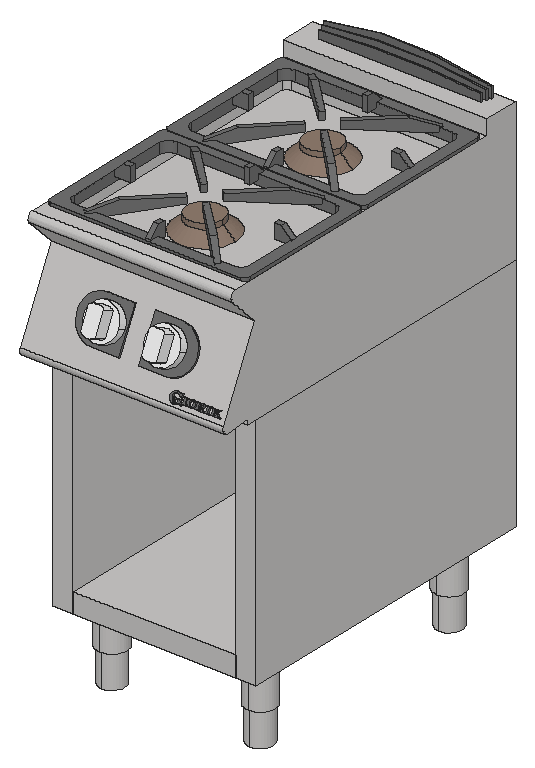
Revit family "QF_GIORIK_CG720G", category Specialty Equipment, Revit 2014
Parameters (values of type "CG720G")
  Weight in Pounds = 110.231
  URL Cutsheet = "www.giorik.com"
  URL = "www.giorik.com"
  Status [instance] = ""
  Specification by User [instance] = ""
  Specification by Manufacturer = ""
  Show Logo [instance] = yes
  Show Clearance [instance] = yes
  Serial Number = ""
  Seismic Rating = ""
  SMACNA No = ""
  Revision Code [instance] = ""
  NAFEM Spec ID Number = ""
  Model = "CG720G"
  Mechanical Remarks [instance] = "Natural Gas"
  Mechanical Connection Type [instance] = ""
  Masterspec = ""
  Manufacturer = "GIORIK"
  Item Number [instance] = ""
  Installed By [instance] = ""
  Identify Quantity as Lot [instance] = no
  Gas Size = 1"
  Gas RI Height [instance] = 0 mm
  Gas KW = 12
  Gas Input = 12000 W
  Gas Connection Height [instance] = 150 mm
  Furnished By [instance] = ""
  Foodservice Equipment Identifier [instance] = yes
  Description = "2 BURNER GAS RANGE ON OPEN BASE UNIT"
  CSI MasterFormat = ""
  Assembly Code = "E1090320"
Reference planes
  plane 1 "Back": y = 0
  plane 2: z = 0
  plane 3 "Left": x = 0
  plane 4 "Right": x = 400
  plane 5 "Front": y = -720
  plane 6 "Top": z = 900
Forms (mm)
  Extrusion 1, solid
    sketch origin (159.28, -40, -71.012) x (0, -1, 0) y (0, 0, -1)
      loop
        line (35.989, -935.989) -> (65, -965) -> (79.749, -965) -> (79.749, -935.989) -> (35.989, -935.989)
    from 35.72 to 45.72
  Extrusion 2, solid
    sketch origin (-283.221, -963.345, 52.815) x (1, 0, 0) y (0, 0.452718, 0.891654)
      loop
        line (463.221, 676.25) -> (463.221, 766.25) -> (409.698, 766.25)
        arc (409.698, 766.25) -> (364.698, 721.25) -> (409.698, 676.25) r 45
        line (409.698, 676.25) -> (463.221, 676.25)
    from 48 to 50
  Extrusion 3, solid
    sketch origin (683.221, -963.345, 52.815) x (-1, 0, 0) y (0, -0.452718, -0.891654)
      loop
        line (463.221, -676.25) -> (409.698, -676.25)
        arc (409.698, -676.25) -> (364.698, -721.25) -> (409.698, -766.25) r 45
        line (409.698, -766.25) -> (463.221, -766.25) -> (463.221, -676.25)
    from 48 to 50
  Extrusion 4, solid
    sketch origin (-91.331, -1008.697, 75.411) x (1, 0, 0) y (0, 0.45351, 0.891251)
      loop
        circle (351.331, 721.346) r 35
    from 0 to 15
  Extrusion 5, solid
    sketch origin (-91.331, -1008.697, 75.411) x (1, 0, 0) y (0, 0.45351, 0.891251)
      loop
        line (336.331, 743.846) -> (336.331, 698.846)
        arc (336.331, 698.846) -> (351.331, 693.846) -> (366.331, 698.846) r 25
        line (366.331, 698.846) -> (366.331, 743.846)
        arc (366.331, 743.846) -> (351.331, 748.846) -> (336.331, 743.846) r 25
    from 15 to 40
  Extrusion 6, solid, visible <- "Show Logo"
    sketch origin (196.604, -736.761, 609.486) x (-1, 0, 0) y (0, 0.452718, 0.891654)
      loop
        line (-118.824, 58.358) -> (-127.804, 58.358) -> (-125.523, 56.445) -> (-125.523, 48.027) -> (-127.804, 46.113) -> (-118.824, 46.113) -> (-121.105, 48.027) -> (-121.105, 56.445) -> (-118.824, 58.358)
      loop
        line (-163.721, 58.358) -> (-172.7, 58.358) -> (-170.42, 56.445) -> (-170.42, 48.027) -> (-172.7, 46.113) -> (-163.721, 46.113) -> (-166.001, 48.027) -> (-166.001, 56.445) -> (-163.721, 58.358)
      loop
        line (-174.332, 58.358) -> (-183.312, 58.358) -> (-181.031, 56.445) -> (-181.031, 52.435) -> (-186.419, 56.955) -> (-184.416, 58.358) -> (-191.268, 58.358) -> (-188.01, 56.839) -> (-185.455, 54.283) -> (-190.846, 47.858) -> (-193.396, 46.93) -> (-193.396, 46.113) -> (-184.416, 46.113) -> (-185.437, 47.571) -> (-182.443, 51.552) -> (-181.031, 50.894) -> (-181.031, 48.027) -> (-183.312, 46.113) -> (-174.332, 46.113) -> (-176.613, 48.027) -> (-176.613, 56.445) -> (-174.332, 58.358)
      loop
        line (-115.429, 62.063) -> (-115.429, 54.198)
        arc (-115.429, 54.198) -> (-111.618, 57.803) -> (-106.847, 59.986) r 16.039
        arc (-106.847, 59.986) -> (-103.314, 59.837) -> (-100.512, 57.68) r 5.851
        arc (-100.512, 57.68) -> (-98.815, 52.267) -> (-100.512, 46.853) r 9.479
        arc (-100.512, 46.853) -> (-102.406, 44.986) -> (-104.846, 43.93) r 7.236
        arc (-104.846, 43.93) -> (-107.728, 44.111) -> (-110.052, 45.825) r 5.11
        line (-110.052, 45.825) -> (-110.052, 52.001) -> (-116.141, 52.001) -> (-116.141, 45.503) -> (-117.893, 43.751) -> (-114.094, 44.769)
        arc (-114.094, 44.769) -> (-112.56, 44.947) -> (-111.129, 44.366) r 3.115
        arc (-111.129, 44.366) -> (-104.216, 42.091) -> (-97.303, 44.366) r 11.641
        arc (-97.303, 44.366) -> (-93.396, 52.107) -> (-97.303, 59.849) r 9.622
        arc (-97.303, 59.849) -> (-104.369, 62.174) -> (-111.435, 59.849) r 11.898
        line (-111.435, 59.849) -> (-115.429, 62.063)
      loop
        arc (-129.234, 56.068) -> (-135.893, 58.628) -> (-142.552, 56.068) r 9.941
        arc (-142.552, 56.068) -> (-144.234, 52.286) -> (-142.552, 48.505) r 5.093
        arc (-142.552, 48.505) -> (-135.893, 45.945) -> (-129.234, 48.505) r 9.941
        arc (-129.234, 48.505) -> (-127.552, 52.286) -> (-129.234, 56.068) r 5.093
      loop
        arc (-132.628, 54.403) -> (-135.893, 57.668) -> (-139.158, 54.403) r 3.265
        line (-139.158, 54.403) -> (-139.158, 50.169)
        arc (-139.158, 50.169) -> (-135.893, 46.904) -> (-132.628, 50.169) r 3.265
        line (-132.628, 50.169) -> (-132.628, 54.403)
      loop
        arc (-156.363, 58.365) -> (-159.647, 55.081) -> (-156.363, 51.796) r 3.285
        line (-156.363, 51.796) -> (-159.529, 47.306) -> (-162.087, 46.113) -> (-155.847, 46.113) -> (-153.529, 51.083) -> (-150.637, 51.083) -> (-150.637, 47.784) -> (-153.022, 46.113) -> (-144.011, 46.113) -> (-146.094, 47.68) -> (-146.094, 56.493) -> (-144.229, 58.365) -> (-156.363, 58.365)
      loop
        line (-150.637, 57.512) -> (-153.637, 57.512)
        arc (-153.637, 57.512) -> (-156.237, 54.912) -> (-153.637, 52.312) r 2.6
        line (-153.637, 52.312) -> (-150.637, 52.312) -> (-150.637, 57.512)
      loop
        line (-108.924, 52.001) -> (-104.936, 49.005) -> (-100.948, 52.001) -> (-108.924, 52.001)
    from 1.5 to -0.5
  Extrusion 7, solid
    sketch origin (491.331, -1008.697, 75.411) x (-1, 0, 0) y (0, -0.45351, -0.891251)
      loop
        circle (351.331, -721.346) r 35
    from 0 to 15
  Extrusion 8, solid
    sketch origin (491.331, -1008.697, 75.411) x (-1, 0, 0) y (0, -0.45351, -0.891251)
      loop
        arc (336.331, -743.846) -> (351.331, -748.846) -> (366.331, -743.846) r 25
        line (366.331, -743.846) -> (366.331, -698.846)
        arc (366.331, -698.846) -> (351.331, -693.846) -> (336.331, -698.846) r 25
        line (336.331, -698.846) -> (336.331, -743.846)
    from 15 to 40
  Extrusion 9, solid
    sketch origin (-16, 1025.81, 0) x (1, 0, 0) y (0, 1, 0)
      loop
        line (25, -1086.81) -> (25, -1156.81) -> (115, -1156.81) -> (115, -1086.81) -> (25, -1086.81)
    from 148 to 150
  Extrusion 10, solid
    sketch origin (0, 0, 0) x (1, 0, 0) y (0, 1, 0)
      loop
        line (40, -40) -> (40, -640) -> (360, -640) -> (360, -40) -> (40, -40)
    from 150 to 190
  Extrusion 11, solid
    sketch origin (416, 1025.81, 0) x (-1, 0, 0) y (0, -1, 0)
      loop
        line (25, 1086.81) -> (115, 1086.81) -> (115, 1156.81) -> (25, 1156.81) -> (25, 1086.81)
    from 148 to 150
  Extrusion 12, solid
    sketch origin (-4, 0, 130) x (1, 0, 0) y (0, 1, 0)
      loop
        circle (54, -385) r 12.5
    from 0 to 20
  Extrusion 13, solid
    sketch origin (0, 1000, -20) x (0, 1, 0) y (0, 0, 1)
      loop
        line (-1000, 919.988) -> (-1070, 919.988) -> (-1070, 889.988) -> (-1688.806, 889.988)
        arc (-1688.806, 889.988) -> (-1699.151, 883.075) -> (-1696.724, 870.873) r 11.197
        line (-1696.724, 870.873) -> (-1640.876, 815.025) -> (-1718.948, 661.258)
        arc (-1718.948, 661.258) -> (-1718.233, 650.105) -> (-1708.118, 645.354) r 10.981
        line (-1708.118, 645.354) -> (-1660, 649.925) -> (-1660, 640) -> (-1000, 640) -> (-1000, 919.988)
    from 0 to 400
  Extrusion 14, solid
    sketch origin (0, 0, 599.536) x (1, 0, 0) y (0, 1, 0)
      loop
        line (0, -640) -> (40, -640) -> (40, -40) -> (360, -40) -> (360, -640) -> (400, -640) -> (400, 0) -> (0, 0) -> (0, -640)
    from -449.536 to 20.464
  Extrusion 15, solid
    sketch origin (-16, 560.81, 0) x (1, 0, 0) y (0, 1, 0)
      loop
        line (25, -1086.81) -> (25, -1156.81) -> (115, -1156.81) -> (115, -1086.81) -> (25, -1086.81)
    from 148 to 150
  Revolve 16, solid
    sketch origin (54, 560.81, 0) x (0, 1, 0) y (0, 0, 1)
      loop
        line (-1092.56, 66) -> (-1092.56, 148) -> (-1121.81, 148) -> (-1121.81, 0) -> (-1096.81, 0) -> (-1096.81, 66) -> (-1092.56, 66)
      axis (-1121.81, 0) -> (-1121.81, 148)
    angle from 0 to 360
  Extrusion 17, solid
    sketch origin (416, 560.81, 0) x (-1, 0, 0) y (0, -1, 0)
      loop
        line (25, 1086.81) -> (115, 1086.81) -> (115, 1156.81) -> (25, 1156.81) -> (25, 1086.81)
    from 148 to 150
  Extrusion 18, solid
    sketch origin (-94, 0, -10.001) x (1, 0, 0) y (0, 0, 1)
      loop
        line (135, 909.989) -> (453, 909.989) -> (453, 925.527) -> (347.056, 931.749) -> (240.944, 931.749) -> (135, 925.527) -> (135, 909.989)
    from 32 to 35
  Extrusion 19, solid
    sketch origin (-92, 10, -10.001) x (1, 0, 0) y (0, 0, 1)
      loop
        line (454, 909.989) -> (454, 928.527) -> (346.162, 939.193) -> (237.838, 939.193) -> (130, 928.527) -> (130, 909.989) -> (454, 909.989)
    from 32 to 35
  Extrusion 20, solid
    sketch origin (-90, 20, -10.001) x (1, 0, 0) y (0, 0, 1)
      loop
        line (455, 909.989) -> (455, 930.527) -> (345.396, 947.413) -> (234.604, 947.413) -> (125, 930.527) -> (125, 909.989) -> (455, 909.989)
    from 32 to 35
  Extrusion 21, solid
    sketch origin (-0.046, 51.449, -30) x (1, 0, 0) y (0, 1, 0)
      loop
        circle (200.046, -276.449) r 35
    from 889.988 to 879.988
  Blend 22, solid
    base sketch origin (-0.046, 51.449, 899.988) x (0, 1, 0) y (-1, 0, 0)
      loop
        circle (-276.449, -200.046) r 60
    top sketch origin (-0.046, 51.449, 899.988) x (0, 1, 0) y (-1, 0, 0)
      loop
        circle (-276.449, -200.046) r 35
    from -70 to -50
  Extrusion 23, void
    sketch origin (0, 0, 900) x (0, 1, 0) y (-1, 0, 0)
      loop
        arc (-90, -28.955) -> (-92.929, -21.884) -> (-100, -18.955) r 10
        line (-100, -18.955) -> (-640.565, -18.955)
        arc (-640.565, -18.955) -> (-647.636, -21.884) -> (-650.565, -28.955) r 10
        line (-650.565, -28.955) -> (-650.565, -372.225)
        arc (-650.565, -372.225) -> (-647.636, -379.296) -> (-640.565, -382.225) r 10
        line (-640.565, -382.225) -> (-100, -382.225)
        arc (-100, -382.225) -> (-92.929, -379.296) -> (-90, -372.225) r 10
        line (-90, -372.225) -> (-90, -28.955)
    from -30.012 to -70.012
  Revolve 24, solid
    sketch origin (346, 560.81, 0) x (0, 1, 0) y (0, 0, 1)
      loop
        line (-1092.56, 66) -> (-1092.56, 148) -> (-1121.81, 148) -> (-1121.81, 0) -> (-1096.81, 0) -> (-1096.81, 66) -> (-1092.56, 66)
      axis (-1121.81, 0) -> (-1121.81, 148)
    angle from 0 to 360
  Revolve 25, solid
    sketch origin (346, 1025.81, 0) x (0, 1, 0) y (0, 0, 1)
      loop
        line (-1092.56, 66) -> (-1092.56, 148) -> (-1121.81, 148) -> (-1121.81, 0) -> (-1096.81, 0) -> (-1096.81, 66) -> (-1092.56, 66)
      axis (-1121.81, 0) -> (-1121.81, 148)
    angle from 0 to 360
  Revolve 26, solid
    sketch origin (54, 1025.81, 0) x (0, 1, 0) y (0, 0, 1)
      loop
        line (-1092.56, 66) -> (-1092.56, 148) -> (-1121.81, 148) -> (-1121.81, 0) -> (-1096.81, 0) -> (-1096.81, 66) -> (-1092.56, 66)
      axis (-1121.81, 0) -> (-1121.81, 148)
    angle from 0 to 360
  Extrusion 27, solid
    sketch origin (159.28, -410, -71.012) x (0, 1, 0) y (0, 0, 1)
      loop
        line (35.989, 935.989) -> (79.749, 935.989) -> (79.749, 965) -> (65, 965) -> (35.989, 935.989)
    from 35.72 to 45.72
  Extrusion 28, solid
    sketch origin (-20.875, -265.72, -71.012) x (1, 0, 0) y (0, 0, -1)
      loop
        line (35.989, -935.989) -> (65, -965) -> (79.749, -965) -> (79.749, -935.989) -> (35.989, -935.989)
    from 35.72 to 45.72
  Extrusion 29, solid
    sketch origin (420.875, -265.72, -71.012) x (-1, 0, 0) y (0, 0, 1)
      loop
        line (35.989, 935.989) -> (79.749, 935.989) -> (79.749, 965) -> (65, 965) -> (35.989, 935.989)
    from 35.72 to 45.72
  Extrusion 30, solid
    sketch origin (0, 10, 22.988) x (1, 0, 0) y (0, 1, 0)
      loop
        line (3, -100) -> (3, -370)
        arc (3, -370) -> (5.929, -377.071) -> (13, -380) r 10
        line (13, -380) -> (387, -380)
        arc (387, -380) -> (394.071, -377.071) -> (397, -370) r 10
        line (397, -370) -> (397, -100)
        arc (397, -100) -> (394.071, -92.929) -> (387, -90) r 10
        line (387, -90) -> (13, -90)
        arc (13, -90) -> (5.929, -92.929) -> (3, -100) r 10
      loop
        arc (45, -110) -> (30.858, -115.858) -> (25, -130) r 20
        line (25, -130) -> (25, -340)
        arc (25, -340) -> (30.858, -354.142) -> (45, -360) r 20
        line (45, -360) -> (355, -360)
        arc (355, -360) -> (369.142, -354.142) -> (375, -340) r 20
        line (375, -340) -> (375, -130)
        arc (375, -130) -> (369.142, -115.858) -> (355, -110) r 20
        line (355, -110) -> (45, -110)
    from 831.989 to 851.989
  Extrusion 31, solid
    sketch origin (159.28, -700, -71.012) x (0, 1, 0) y (0, 0, 1)
      loop
        line (35.989, 935.989) -> (79.749, 935.989) -> (79.749, 965) -> (65, 965) -> (35.989, 935.989)
    from 35.72 to 45.72
  Blend 32, solid
    base sketch origin (-0.046, -791.448, 899.988) x (0, -1, 0) y (1, 0, 0)
      loop
        circle (-276.449, 200.046) r 60
    top sketch origin (-0.046, -791.448, 899.988) x (0, -1, 0) y (1, 0, 0)
      loop
        circle (-276.449, 200.046) r 35
    from -70 to -50
  Extrusion 33, solid
    sketch origin (159.28, -330, -71.012) x (0, -1, 0) y (0, 0, -1)
      loop
        line (35.989, -935.989) -> (65, -965) -> (79.749, -965) -> (79.749, -935.989) -> (35.989, -935.989)
    from 35.72 to 45.72
  Extrusion 34, solid
    sketch origin (-20.875, -474.279, -71.012) x (1, 0, 0) y (0, 0, 1)
      loop
        line (35.989, 935.989) -> (79.749, 935.989) -> (79.749, 965) -> (65, 965) -> (35.989, 935.989)
    from 35.72 to 45.72
  Extrusion 35, solid
    sketch origin (420.875, -474.279, -71.012) x (-1, 0, 0) y (0, 0, -1)
      loop
        line (35.989, -935.989) -> (65, -965) -> (79.749, -965) -> (79.749, -935.989) -> (35.989, -935.989)
    from 35.72 to 45.72
  Extrusion 36, solid
    sketch origin (0, -750, 22.988) x (1, 0, 0) y (0, 1, 0)
      loop
        arc (3, 100) -> (5.929, 92.929) -> (13, 90) r 10
        line (13, 90) -> (387, 90)
        arc (387, 90) -> (394.071, 92.929) -> (397, 100) r 10
        line (397, 100) -> (397, 370)
        arc (397, 370) -> (394.071, 377.071) -> (387, 380) r 10
        line (387, 380) -> (13, 380)
        arc (13, 380) -> (5.929, 377.071) -> (3, 370) r 10
        line (3, 370) -> (3, 100)
      loop
        line (45, 110) -> (355, 110)
        arc (355, 110) -> (369.142, 115.858) -> (375, 130) r 20
        line (375, 130) -> (375, 340)
        arc (375, 340) -> (369.142, 354.142) -> (355, 360) r 20
        line (355, 360) -> (45, 360)
        arc (45, 360) -> (30.858, 354.142) -> (25, 340) r 20
        line (25, 340) -> (25, 130)
        arc (25, 130) -> (30.858, 115.858) -> (45, 110) r 20
    from 831.989 to 851.989
  Extrusion 37, solid
    sketch origin (335.232, -702.19, -2.821) x (-0.707107, 0.707107, 0) y (0, 0, 1)
      loop
        line (199.588, 896.808) -> (95.425, 896.808) -> (36.748, 875.452) -> (36.748, 867.797) -> (57.778, 867.797) -> (199.588, 883.656) -> (199.588, 896.808)
    from 30.148 to 40.148
  Extrusion 38, solid
    sketch origin (-0.046, -238.551, -30) x (1, 0, 0) y (0, 1, 0)
      loop
        circle (200.046, -276.449) r 35
    from 889.988 to 879.988
  Extrusion 39, solid
    sketch origin (64.768, -702.19, -2.821) x (0.707107, 0.707107, 0) y (0, 0, -1)
      loop
        line (199.588, -896.808) -> (199.588, -883.656) -> (57.778, -867.797) -> (36.748, -867.797) -> (36.748, -875.452) -> (95.425, -896.808) -> (199.588, -896.808)
    from 30.148 to 40.148
  Extrusion 40, solid
    sketch origin (335.232, -327.81, -2.821) x (-0.707107, -0.707107, 0) y (0, 0, -1)
      loop
        line (199.588, -896.808) -> (199.588, -883.656) -> (57.778, -867.797) -> (36.748, -867.797) -> (36.748, -875.452) -> (95.425, -896.808) -> (199.588, -896.808)
    from 30.148 to 40.148
  Extrusion 41, solid
    sketch origin (64.768, -327.81, -2.821) x (0.707107, -0.707107, 0) y (0, 0, 1)
      loop
        line (199.588, 896.808) -> (95.425, 896.808) -> (36.748, 875.452) -> (36.748, 867.797) -> (57.778, 867.797) -> (199.588, 883.656) -> (199.588, 896.808)
    from 30.148 to 40.148
  Extrusion 42, solid
    sketch origin (335.232, -37.81, -2.821) x (-0.707107, -0.707107, 0) y (0, 0, -1)
      loop
        line (199.588, -896.808) -> (199.588, -883.656) -> (57.778, -867.797) -> (36.748, -867.797) -> (36.748, -875.452) -> (95.425, -896.808) -> (199.588, -896.808)
    from 30.148 to 40.148
  Extrusion 43, solid
    sketch origin (64.768, -37.81, -2.821) x (0.707107, -0.707107, 0) y (0, 0, 1)
      loop
        line (199.588, 896.808) -> (95.425, 896.808) -> (36.748, 875.452) -> (36.748, 867.797) -> (57.778, 867.797) -> (199.588, 883.656) -> (199.588, 896.808)
    from 30.148 to 40.148
  Extrusion 44, solid
    sketch origin (335.232, -412.19, -2.821) x (-0.707107, 0.707107, 0) y (0, 0, 1)
      loop
        line (199.588, 896.808) -> (95.425, 896.808) -> (36.748, 875.452) -> (36.748, 867.797) -> (57.778, 867.797) -> (199.588, 883.656) -> (199.588, 896.808)
    from 30.148 to 40.148
  Extrusion 45, solid
    sketch origin (64.768, -412.19, -2.821) x (0.707107, 0.707107, 0) y (0, 0, -1)
      loop
        line (199.588, -896.808) -> (199.588, -883.656) -> (57.778, -867.797) -> (36.748, -867.797) -> (36.748, -875.452) -> (95.425, -896.808) -> (199.588, -896.808)
    from 30.148 to 40.148
Cuts and joins
  Extrusion 23 cuts Extrusion 13
Lines and regions (mm)
  symbolic lines, style "200-EquipBorder-2D"
    curve 1: line (0, -720, 0) -> (400, -720, 0)
    curve 2: line (400, -720, 0) -> (400, 0, 0)
    curve 3: line (400, 0, 0) -> (0, 0, 0)
    curve 4: line (0, 0, 0) -> (0, -720, 0)
  symbolic lines, style "200-EquipInternal-2D"
    curve 5: line (35, -12, 900) -> (365, -12, 900)
    curve 6: line (365, -12, 900) -> (365, -15, 900)
    curve 7: line (365, -15, 900) -> (35, -15, 900)
    curve 8: line (35, -15, 900) -> (35, -12, 900)
    curve 9: line (38, -22, 900) -> (362, -22, 900)
    curve 10: line (362, -22, 900) -> (362, -25, 900)
    curve 11: line (362, -25, 900) -> (38, -25, 900)
    curve 12: line (38, -25, 900) -> (38, -22, 900)
    curve 13: line (41, -32, 900) -> (359, -32, 900)
    curve 14: line (359, -32, 900) -> (359, -35, 900)
    curve 15: line (359, -35, 900) -> (41, -35, 900)
    curve 16: line (41, -35, 900) -> (41, -32, 900)
    curve 17: line (184.58, -200.258, 900) -> (84.322, -100, 900)
    curve 18: line (70.18, -100, 900) -> (177.509, -207.329, 900)
    curve 19: line (177.509, -207.329, 900) -> (184.58, -200.258, 900)
    curve 20: line (215.42, -200.258, 900) -> (222.491, -207.329, 900)
    curve 21: line (315.803, -99.874, 900) -> (215.42, -200.258, 900)
    curve 22: line (222.491, -207.329, 900) -> (329.946, -99.874, 900)
    curve 23: line (195, -119.749, 900) -> (205, -119.749, 900)
    curve 24: line (195, -100, 900) -> (195, -119.749, 900)
    curve 25: line (205, -119.749, 900) -> (205, -99.874, 900)
    curve 26: line (341.126, -220, 900) -> (341.126, -230, 900)
    curve 27: line (375, -220, 900) -> (341.126, -220, 900)
    curve 28: line (341.126, -230, 900) -> (375, -230, 900)
    curve 29: line (184.58, -249.742, 900) -> (177.509, -242.671, 900)
    curve 30: line (177.509, -242.671, 900) -> (70.18, -350, 900)
    curve 31: line (84.322, -350, 900) -> (184.58, -249.742, 900)
    curve 32: line (215.42, -249.742, 900) -> (315.678, -350, 900)
    curve 33: line (222.491, -242.671, 900) -> (215.42, -249.742, 900)
    curve 34: line (329.82, -350, 900) -> (222.491, -242.671, 900)
    curve 35: line (58.874, -230, 900) -> (58.874, -220, 900)
    curve 36: line (58.874, -220, 900) -> (25, -220, 900)
    curve 37: line (25, -230, 900) -> (58.874, -230, 900)
    curve 38: line (205, -330.251, 900) -> (195, -330.251, 900)
    curve 39: line (195, -330.251, 900) -> (195, -350, 900)
    curve 40: line (205, -350, 900) -> (205, -330.251, 900)
    curve 41: line (195, -409.748, 900) -> (205, -409.748, 900)
    curve 42: line (205, -409.748, 900) -> (205, -390, 900)
    curve 43: line (195, -390, 900) -> (195, -409.748, 900)
    curve 44: line (315.678, -390, 900) -> (215.42, -490.258, 900)
    curve 45: line (222.491, -497.329, 900) -> (329.82, -390, 900)
    curve 46: line (215.42, -490.258, 900) -> (222.491, -497.329, 900)
    curve 47: line (177.509, -497.329, 900) -> (184.58, -490.258, 900)
    curve 48: line (184.58, -490.258, 900) -> (84.322, -390, 900)
    curve 49: line (70.18, -390, 900) -> (177.509, -497.329, 900)
    curve 50: line (58.874, -520, 900) -> (58.874, -510, 900)
    curve 51: line (58.874, -510, 900) -> (25, -510, 900)
    curve 52: line (25, -520, 900) -> (58.874, -520, 900)
    curve 53: line (341.126, -510, 900) -> (341.126, -520, 900)
    curve 54: line (375, -510, 900) -> (341.126, -510, 900)
    curve 55: line (341.126, -520, 900) -> (375, -520, 900)
    curve 56: line (329.82, -640, 900) -> (222.491, -532.671, 900)
    curve 57: line (222.491, -532.671, 900) -> (215.42, -539.742, 900)
    curve 58: line (184.58, -539.742, 900) -> (177.509, -532.671, 900)
    curve 59: line (84.322, -640, 900) -> (184.58, -539.742, 900)
    curve 60: line (177.509, -532.671, 900) -> (70.18, -640, 900)
    curve 61: line (215.42, -539.742, 900) -> (315.678, -640, 900)
    curve 62: line (205, -620.251, 900) -> (195, -620.251, 900)
    curve 63: line (195, -620.251, 900) -> (195, -640, 900)
    curve 64: line (205, -640, 900) -> (205, -620.251, 900)
    curve 65: arc (355, -100, 900) -> (369.142, -105.858, 900) -> (375, -120, 900) r 20
    curve 66: line (375, -120, 900) -> (375, -330, 900)
    curve 67: arc (375, -330, 900) -> (369.142, -344.142, 900) -> (355, -350, 900) r 20
    curve 68: line (355, -350, 900) -> (45, -350, 900)
    curve 69: arc (45, -350, 900) -> (30.858, -344.142, 900) -> (25, -330, 900) r 20
    curve 70: line (25, -330, 900) -> (25, -120, 900)
    curve 71: arc (25, -120, 900) -> (30.858, -105.858, 900) -> (45, -100, 900) r 20
    curve 72: arc (25, -410, 900) -> (30.858, -395.858, 900) -> (45, -390, 900) r 20
    curve 73: line (45, -390, 900) -> (355, -390, 900)
    curve 74: line (25, -620, 900) -> (25, -410, 900)
    curve 75: arc (355, -390, 900) -> (369.142, -395.858, 900) -> (375, -410, 900) r 20
    curve 76: line (375, -410, 900) -> (375, -620, 900)
    curve 77: arc (375, -620, 900) -> (369.142, -634.142, 900) -> (355, -640, 900) r 20
    curve 78: line (355, -640, 900) -> (45, -640, 900)
    curve 79: arc (45, -640, 900) -> (30.858, -634.142, 900) -> (25, -620, 900) r 20
    curve 80: line (387, -370, 900) -> (13, -370, 900)
    curve 81: arc (397, -380, 900) -> (394.071, -372.929, 900) -> (387, -370, 900) r 10
    curve 82: line (397, -650, 900) -> (397, -380, 900)
    curve 83: arc (387, -370, 900) -> (394.071, -367.071, 900) -> (397, -360, 900) r 10
    curve 84: line (397, -360, 900) -> (397, -90, 900)
    curve 85: arc (387, -660, 900) -> (394.071, -657.071, 900) -> (397, -650, 900) r 10
    curve 86: line (13, -660, 900) -> (387, -660, 900)
    curve 87: arc (3, -650, 900) -> (5.929, -657.071, 900) -> (13, -660, 900) r 10
    curve 88: line (3, -380, 900) -> (3, -650, 900)
    curve 89: arc (3, -360, 900) -> (5.929, -367.071, 900) -> (13, -370, 900) r 10
    curve 90: arc (13, -370, 900) -> (5.929, -372.929, 900) -> (3, -380, 900) r 10
    curve 91: line (3, -90, 900) -> (3, -360, 900)
    curve 92: line (387, -80, 900) -> (13, -80, 900)
    curve 93: arc (13, -80, 900) -> (5.929, -82.929, 900) -> (3, -90, 900) r 10
    curve 94: arc (397, -90, 900) -> (394.071, -82.929, 900) -> (387, -80, 900) r 10
    curve 95: arc (162.492, -178.169, 0) -> (200, -165, 0) -> (237.508, -178.169, 0) r 60
    curve 96: arc (244.768, -264.948, 0) -> (260, -225, 0) -> (244.768, -185.052, 0) r 60
    curve 97: arc (162.492, -271.831, 0) -> (200, -285, 0) -> (237.508, -271.831, 0) r 60
    curve 98: arc (155.232, -264.948, 0) -> (140, -225, 0) -> (155.232, -185.052, 0) r 60
    curve 99: arc (180.355, -196.033, 0) -> (200, -190, 0) -> (219.645, -196.033, 0) r 35
    curve 100: arc (227.041, -202.779, 0) -> (235, -225, 0) -> (227.041, -247.221, 0) r 35
    curve 101: arc (172.959, -202.779, 0) -> (165, -225, 0) -> (172.959, -247.221, 0) r 35
    curve 102: arc (180.355, -253.967, 0) -> (200, -260, 0) -> (219.645, -253.967, 0) r 35
    curve 103: arc (162.492, -468.169, 0) -> (200, -455, 0) -> (237.508, -468.169, 0) r 60
    curve 104: arc (244.768, -475.052, 0) -> (260, -515, 0) -> (244.768, -554.948, 0) r 60
    curve 105: arc (155.232, -475.052, 0) -> (140, -515, 0) -> (155.232, -554.948, 0) r 60
    curve 106: arc (162.492, -561.831, 0) -> (200, -575, 0) -> (237.508, -561.831, 0) r 60
    curve 107: arc (180.355, -543.967, 0) -> (200, -550, 0) -> (219.645, -543.967, 0) r 35
    curve 108: arc (227.041, -537.221, 0) -> (235, -515, 0) -> (227.041, -492.779, 0) r 35
    curve 109: arc (219.645, -486.033, 0) -> (200, -480, 0) -> (180.355, -486.033, 0) r 35
    curve 110: arc (172.959, -492.779, 0) -> (165, -515, 0) -> (172.959, -537.221, 0) r 35
    curve 111: line (45, -100, 0) -> (355, -100, 0)
    curve 112: line (0, -70, 900) -> (400, -70, 900)
Dimensions and locks
  plane 3 "Left" to plane 4 "Right" = 400 mm
  plane 5 "Front" to plane 1 "Back" = 720 mm
  plane 4 "Right" to plane 3 "Left" = 400 mm
  plane 1 "Back" to plane 5 "Front" = 720 mm
  plane 6 "Top" to level = 900 mm  (x2)
  aligned and locked: level to plane 2
Connectors
  piping at (50, -385, 130), diameter 25.4, driven by "Gas Size"
    settings: on Extrusion 12, index 1, connector inside diameter 24", connector length 0 mm, flow factor 0, pipe flow 0.0 L/s, pressure drop 0.0 Pa, fitting loss kfactor 0, connector angle 0.00°, fixture units 0, engagement length 0 mm, angle of deflection 0.00°, flow configuration 1, flow direction 1, fitting loss method 0, system type 22, joint type 0, gender type 0, connector reference index -1, connector utility 0, adjustable connector no, is connector primary yes, connector description "Gas inlet"
